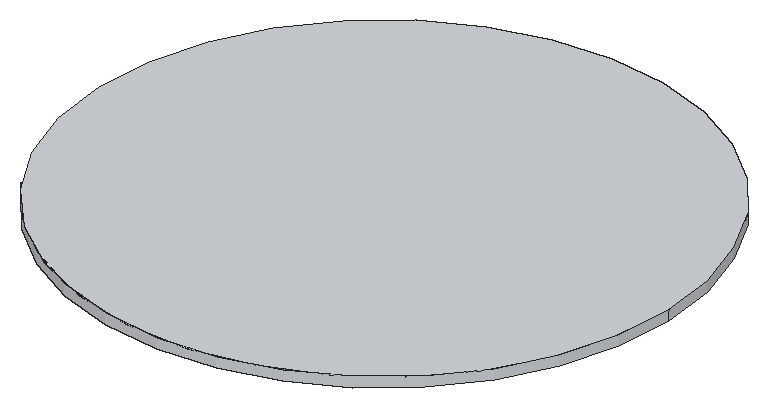
Revit family "CITY", category Lighting Fixtures, host Face, Revit 2023 (continued)
Types (10, lengths in mm): name | Radio | Photometric Web File | built-in parameter 1150142 | Manufacturer | LuxLight_Watios | LuxLight_Temperatura | LuxLight_Lumenes
  LISUP0583 | 291.5 | "LISUP058301 .ies" | "IESNA:LM-63-2002\r\n[TEST] Viso  - serial: n/a sensor serial: n/a\r\n[TESTLAB] Viso  - serial: n/a sensor serial: n/a - Test lab\r\n[MANUFAC] LUX LIGHT\r\n[ISSUEDATE] 12/9/2025\r\n[LUMINAIRE] CITY ROUND 3000K 5W Ø80x55\r\n[LUMCAT] N/A\r\nTILT=NONE\r\n1 360 1 181 17 1 2 -0.075 -0.075 0\r\n1.0 1.0 5.00\r\n0 1 2 3 4 5 6 7 8 9 10 11 12 13 14 15 16 17 18 19 20 21 22 23 24 25 26 27 28 29 30 31 32 33 34 35 36 37 38 39 40 41 42 43 44 45 46 47 48 49 50 51 52 53 54 55 56 57 58 59 60 61 62 63 64 65 66 67 68 69 70 71 72 73 74 75 76 77 78 79 80\r\n 81 82 83 84 85 86 87 88 89 90 91 92 93 94 95 96 97 98 99 100 101 102 103 104 105 106 107 108 109 110 111 112 113 114 115 116 117 118 119 120 121 122 123 124 125 126 127 128 129 130 131 132 133 134 135 136 137 138 139 140 141 142 143\r\n 144 145 146 147 148 149 150 151 152 153 154 155 156 157 158 159 160 161 162 163 164 165 166 167 168 169 170 171 172 173 174 175 176 177 178 179 180\r\n0 22.5 45 67.5 90 112.5 135 157.5 180 202.5 225 247.5 270 292.5 315 337.5 360 \r\n138.304047 138.17131 138.102905 137.930115 137.739304 137.48732 137.156143 136.824936 136.432556 135.978973 135.525391 134.9422 134.409409 133.808228 133.073853 132.379059 131.554688 130.798706 129.963531 129.02037 128.084381 127.137611\r\n 126.000046 124.956078 123.789711 122.673744 121.514572 120.179016 118.901054 117.633881 116.154327 114.825966 113.288803 111.820045 110.362083 108.65213 107.111382 105.473427 103.623077 101.970726 100.08078 98.241234 96.480873 94.389336\r\n 92.394997 90.465454 88.240715 86.239166 83.906433 81.793297 79.690956 77.189026 74.935486 72.480354 70.108025 67.822083 65.147362 62.785831 60.3811 57.605576 55.172043 52.46492 49.847797 47.234268 44.437149 41.762421 39.188496 36.369774\r\n 33.655449 30.807932 28.093609 25.51968 22.639761 19.87504 17.059919 14.082804 11.357679 8.319366 5.853435 3.610698 2.091541 1.587555 1.227565 0.885575 0.622782 0.421188 0.291592 0.201594 0.161995 0.140396 0.140396 0.140396 0.151196\r\n 0.151196 0.161995 0.172795 0.179995 0.190795 0.201594 0.212394 0.230393 0.230393 0.241193 0.262793 0.262793 0.291592 0.302391 0.313191 0.320391 0.34199 0.35279 0.37079 0.392389 0.403189 0.421188 0.442787 0.471587 0.471587 0.482386\r\n 0.503986 0.514785 0.532785 0.554384 0.561584 0.561584 0.583184 0.604783 0.611983 0.633582 0.644382 0.662381 0.673181 0.69478 0.70558 0.71278 0.734379 0.745179 0.763178 0.784778 0.795578 0.813577 0.824377 0.835176 0.845976 0.863976\r\n 0.874775 0.885575 0.896375 0.914374 0.935974 0.946773 0.946773 0.946773 0.953973 0.953973 0.975573 0.997172 0.986372 1.004372 1.004372 1.015171 1.025971 1.036771 1.036771 1.05477 1.05477 1.07637 1.06557 1.07637 1.07637 1.087169 1.087169\r\n 1.097969 1.105169 1.105169 1.126768 1.105169 1.105169 1.105169 1.115969 1.115294\r\n138.304047 138.282898 138.17131 138.020111 137.81131 137.548523 137.228119 136.886139 136.443359 136.029373 135.536179 134.963806 134.420212 133.76503 133.073853 132.328659 131.504288 130.697922 129.855545 128.879974 127.96199 126.98642\r\n 125.920853 124.794083 123.638512 122.540543 121.345383 120.006218 118.728249 117.41069 115.963524 114.555969 113.026009 111.506859 110.077698 108.367744 106.819786 105.250229 103.360283 101.599937 99.717194 97.917236 96.02729 93.92495\r\n 92.063805 90.022659 87.891518 85.74958 83.49604 81.292908 79.168968 76.695839 74.503502 71.91877 69.654442 67.231705 64.664978 62.191845 59.776314 56.989994 54.506062 51.849339 49.214211 46.672684 43.774765 41.218838 38.655708 35.685791\r\n 33.072269 30.113152 27.528423 24.8249 21.937782 19.201859 16.584732 13.618416 11.044488 8.297767 5.691439 3.340706 2.051942 1.619954 1.238365 0.903575 0.644382 0.442787 0.302391 0.212394 0.179995 0.151196 0.161995 0.151196 0.161995\r\n 0.161995 0.172795 0.179995 0.190795 0.201594 0.212394 0.219594 0.230393 0.251993 0.269992 0.280792 0.291592 0.302391 0.313191 0.331191 0.34199 0.36359 0.381589 0.413988 0.442787 0.453587 0.503986 0.503986 0.514785 0.514785 0.543585\r\n 0.554384 0.572384 0.593983 0.611983 0.611983 0.633582 0.662381 0.662381 0.673181 0.69478 0.69478 0.72358 0.734379 0.745179 0.763178 0.784778 0.795578 0.813577 0.824377 0.845976 0.856776 0.863976 0.885575 0.896375 0.914374 0.925174\r\n 0.946773 0.953973 0.975573 0.986372 0.997172 1.004372 1.015171 1.025971 1.036771 1.036771 1.04757 1.05477 1.06557 1.087169 1.087169 1.087169 1.06557 1.05477 1.05477 1.06557 1.07637 1.07637 1.07637 1.087169 1.097969 1.097969 1.105169\r\n 1.115969 1.115969 1.115969 1.115969 1.126768 1.126768 1.126768 1.126768 1.115294\r\n138.304047 138.383698 138.27211 138.110107 137.912109 137.670929 137.336121 136.914932 136.500961 136.058167 135.546982 134.974594 134.431015 133.747025 133.091843 132.29628 131.453888 130.636719 129.783539 128.818771 127.922394 126.93602\r\n 125.780449 124.68248 123.476524 122.31015 121.161781 119.793823 118.559059 117.209099 115.751137 114.40477 112.824417 111.287262 109.818504 108.047356 106.506592 104.857849 103.007492 101.247147 99.335602 97.557243 95.735703 93.521759\r\n 91.55262 89.590675 87.416336 85.274399 83.013657 80.788918 78.64698 76.15226 73.938316 71.375183 69.060455 66.745712 64.060188 61.576263 59.164333 56.478809 53.901283 51.186958 48.573429 46.035503 43.130383 40.574455 37.878132 35.03421\r\n 32.449486 29.591166 26.916441 24.230917 21.433796 18.78787 16.253542 13.337625 10.882493 8.258167 6.04423 3.941889 2.14194 1.630754 1.245565 0.935974 0.662381 0.453587 0.313191 0.212394 0.161995 0.140396 0.140396 0.140396 0.151196\r\n 0.161995 0.161995 0.172795 0.179995 0.190795 0.201594 0.212394 0.230393 0.262793 0.280792 0.291592 0.280792 0.280792 0.302391 0.302391 0.313191 0.331191 0.34199 0.37079 0.381589 0.392389 0.413988 0.421188 0.431988 0.453587 0.471587\r\n 0.482386 0.503986 0.521985 0.543585 0.572384 0.604783 0.633582 0.644382 0.662381 0.683981 0.69478 0.71278 0.72358 0.734379 0.745179 0.755979 0.784778 0.806377 0.813577 0.824377 0.845976 0.863976 0.874775 0.896375 0.903575 0.935974\r\n 0.946773 0.964773 0.975573 0.986372 1.004372 1.015171 1.025971 1.036771 1.04757 1.05477 1.06557 1.07637 1.087169 1.097969 1.105169 1.105169 1.115969 1.126768 1.126768 1.137568 1.126768 1.087169 1.07637 1.07637 1.07637 1.07637 1.087169\r\n 1.07637 1.087169 1.097969 1.097969 1.097969 1.105169 1.105169 1.105169 1.115294\r\n138.304047 138.473694 138.362091 138.153305 137.969711 137.750107 137.36853 137.015747 136.572952 136.169754 135.687363 135.075378 134.459808 133.837036 133.091843 132.389862 131.533096 130.737503 129.833939 128.897964 127.911591 126.968422\r\n 125.80925 124.743683 123.505318 122.389351 121.172585 119.826218 118.526657 117.241493 115.722336 114.343575 112.723618 111.254868 109.68531 107.986153 106.315804 104.717445 102.827499 101.117546 99.184402 97.305252 95.483704 93.269768\r\n 91.351021 89.309883 87.135544 85.094406 82.700462 80.587326 78.322998 75.900261 73.567528 71.072792 68.639259 66.263329 63.448212 60.892284 58.239159 55.452835 52.734913 49.869392 47.234268 44.419147 41.359234 38.684509 35.977386\r\n 33.043468 30.275145 27.427628 24.763702 22.139376 19.533049 17.218313 14.856781 12.390851 10.108515 7.786581 5.70224 3.599898 1.951145 1.468759 1.155567 0.835176 0.622782 0.431988 0.313191 0.212394 0.161995 0.140396 0.140396 0.151196\r\n 0.151196 0.161995 0.151196 0.172795 0.190795 0.190795 0.212394 0.219594 0.251993 0.291592 0.280792 0.302391 0.313191 0.331191 0.35279 0.36359 0.37079 0.392389 0.381589 0.381589 0.381589 0.392389 0.413988 0.421188 0.431988 0.453587\r\n 0.471587 0.482386 0.503986 0.514785 0.532785 0.554384 0.583184 0.604783 0.611983 0.633582 0.655182 0.673181 0.683981 0.71278 0.734379 0.763178 0.773978 0.795578 0.813577 0.813577 0.835176 0.856776 0.863976 0.885575 0.903575 0.914374\r\n 0.925174 0.935974 0.935974 0.964773 0.986372 1.004372 1.015171 1.036771 1.036771 1.05477 1.06557 1.06557 1.087169 1.097969 1.105169 1.115969 1.115969 1.126768 1.137568 1.148368 1.155567 1.148368 1.126768 1.105169 1.115969 1.115969\r\n 1.105169 1.105169 1.097969 1.097969 1.115969 1.105169 1.115969 1.105169 1.105169 1.105169 1.115294\r\n138.304047 138.603287 138.462891 138.254105 138.052505 137.728531 137.38652 137.004944 136.562149 136.06897 135.568588 134.934998 134.330215 133.66423 132.901047 132.177475 131.291885 130.456726 129.592758 128.617172 127.601997 126.543633\r\n 125.427658 124.362091 123.094925 121.867363 120.7118 119.333038 117.986671 116.665512 115.149948 113.731598 112.072044 110.603279 109.033722 107.28418 105.603027 103.842667 101.992325 100.253578 98.219627 96.318886 94.42894 92.344597\r\n 90.292648 88.132713 85.958374 83.794838 81.350502 79.078972 76.685043 73.89872 71.425583 68.606865 66.12294 63.498611 60.712288 57.976368 55.179245 52.184128 49.358208 46.247894 43.544373 40.675251 37.687336 34.861416 32.046295 29.130379\r\n 26.293657 23.356142 20.56982 17.873497 14.583189 12.632044 10.119315 7.624585 5.925433 4.143483 2.815121 1.749551 1.317563 1.025971 0.795578 0.593983 0.431988 0.302391 0.230393 0.179995 0.161995 0.172795 0.179995 0.190795 0.190795\r\n 0.190795 0.179995 0.190795 0.201594 0.212394 0.230393 0.262793 0.280792 0.302391 0.313191 0.313191 0.331191 0.34199 0.35279 0.36359 0.392389 0.413988 0.413988 0.421188 0.442787 0.453587 0.471587 0.482386 0.503986 0.514785 0.532785\r\n 0.554384 0.561584 0.572384 0.593983 0.611983 0.633582 0.662381 0.683981 0.69478 0.71278 0.734379 0.745179 0.763178 0.773978 0.784778 0.806377 0.824377 0.835176 0.856776 0.874775 0.885575 0.896375 0.914374 0.935974 0.946773 0.964773\r\n 0.964773 0.975573 0.986372 1.004372 1.025971 1.036771 1.04757 1.04757 1.06557 1.07637 1.087169 1.097969 1.105169 1.126768 1.126768 1.137568 1.148368 1.126768 1.105169 1.115969 1.115969 1.115969 1.137568 1.115969 1.105169 1.115969\r\n 1.105169 1.126768 1.126768 1.126768 1.126768 1.137568 1.115969 1.126768 1.126768 1.115294\r\n138.304047 138.092102 137.962509 137.76091 137.53772 137.278519 136.965332 136.594559 136.119354 135.687363 135.16539 134.593002 133.948624 133.343842 132.569855 131.846283 131.011108 130.204727 129.301147 128.314789 127.339203 126.352837\r\n 125.23687 124.138901 122.91494 121.716164 120.528206 119.120644 117.864273 116.496315 115.038361 113.609192 111.960442 110.480888 108.983322 107.190582 105.480621 103.821068 101.902321 100.159981 98.219627 96.318886 94.446938 92.243797\r\n 90.285454 88.031921 85.889984 83.805634 81.400902 79.118568 76.825432 74.2911 71.684776 68.848061 66.173332 63.718204 60.935482 58.188759 55.514034 52.385723 49.538204 46.561089 43.702766 40.988445 37.888931 35.203407 32.388287 29.299574\r\n 26.585251 23.446138 20.688616 18.013893 15.317568 12.894836 10.511703 8.279766 6.519416 4.849063 3.340706 1.929546 1.357162 1.05477 0.806377 0.593983 0.421188 0.291592 0.219594 0.172795 0.151196 0.151196 0.151196 0.161995 0.172795\r\n 0.161995 0.179995 0.161995 0.172795 0.190795 0.219594 0.241193 0.251993 0.262793 0.280792 0.291592 0.313191 0.320391 0.331191 0.34199 0.36359 0.37079 0.392389 0.403189 0.421188 0.442787 0.464387 0.482386 0.493186 0.514785 0.521985\r\n 0.543585 0.554384 0.561584 0.583184 0.604783 0.611983 0.644382 0.655182 0.673181 0.69478 0.70558 0.72358 0.745179 0.755979 0.773978 0.784778 0.806377 0.813577 0.835176 0.856776 0.863976 0.874775 0.896375 0.914374 0.925174 0.946773\r\n 0.953973 0.953973 0.964773 0.975573 0.986372 0.986372 0.986372 0.997172 1.004372 1.015171 1.025971 1.015171 1.04757 1.025971 1.025971 1.036771 1.05477 1.05477 1.06557 1.07637 1.07637 1.087169 1.087169 1.097969 1.097969 1.105169 1.105169\r\n 1.105169 1.115969 1.115969 1.115969 1.115969 1.115969 1.126768 1.115969 1.115294\r\n138.304047 138.002106 137.890503 137.717728 137.548523 137.285721 136.943741 136.583755 136.140961 135.698166 135.244583 134.643402 134.067413 133.433838 132.710266 131.975876 131.173111 130.337921 129.491959 128.494781 127.601997\r\n 126.583229 125.499657 124.390892 123.206528 122.007759 120.841393 119.523827 118.217064 116.859901 115.419945 113.96199 112.414032 110.873276 109.415321 107.615364 106.024208 104.325058 102.463905 100.663963 98.752419 96.812065 94.95092\r\n 92.780182 90.829033 88.543106 86.501961 84.331223 81.915688 79.672958 77.358215 74.895889 72.519958 70.007225 67.580894 65.197762 62.461838 59.91671 57.483177 54.747253 52.112133 49.174614 46.460293 43.843163 40.966843 38.112125 35.505802\r\n 32.658279 29.972755 27.179234 24.562107 22.067379 19.291857 16.717928 14.273598 11.476477 9.132942 6.667012 4.456674 2.48393 1.619954 1.245565 0.946773 0.683981 0.471587 0.313191 0.212394 0.161995 0.140396 0.140396 0.140396 0.140396\r\n 0.151196 0.151196 0.161995 0.172795 0.179995 0.201594 0.219594 0.241193 0.251993 0.262793 0.280792 0.302391 0.302391 0.313191 0.331191 0.34199 0.35279 0.37079 0.381589 0.392389 0.413988 0.421188 0.442787 0.471587 0.482386 0.493186\r\n 0.514785 0.521985 0.543585 0.561584 0.583184 0.593983 0.604783 0.622782 0.633582 0.655182 0.662381 0.683981 0.69478 0.71278 0.734379 0.755979 0.763178 0.773978 0.795578 0.806377 0.824377 0.835176 0.856776 0.863976 0.885575 0.885575\r\n 0.914374 0.925174 0.946773 0.946773 0.953973 0.953973 0.953973 0.964773 0.975573 0.986372 0.997172 1.004372 1.015171 1.004372 1.004372 1.015171 1.015171 1.025971 1.036771 1.036771 1.04757 1.05477 1.06557 1.06557 1.07637 1.07637 1.087169\r\n 1.087169 1.097969 1.097969 1.105169 1.105169 1.105169 1.115969 1.115969 1.115969 1.115294\r\n138.304047 138.041702 138.002106 137.840103 137.660126 137.397324 137.055344 136.774536 136.353348 135.950165 135.456985 134.902603 134.319412 133.707428 132.973053 132.29628 131.515091 130.687119 129.833939 128.879974 127.951195 126.997223\r\n 125.920853 124.822884 123.649315 122.450546 121.305779 119.945023 118.699448 117.371086 115.934738 114.516373 112.907219 111.467255 109.886902 108.238152 106.567795 104.940643 103.097496 101.30835 99.285202 97.395256 95.534103 93.464165\r\n 91.419418 89.24868 87.196747 85.065605 82.660873 80.407333 78.114197 75.680664 73.29393 70.781204 68.32608 65.863747 63.268215 60.741089 58.156361 55.431236 52.925709 50.049389 47.536659 44.861935 41.935219 39.357689 36.654167 33.68425\r\n 31.081524 28.104408 25.51968 22.834156 20.015436 17.329912 14.777583 11.908464 9.334537 6.710211 4.323478 2.303935 1.648754 1.267164 0.953973 0.662381 0.482386 0.313191 0.212394 0.161995 0.140396 0.129596 0.129596 0.140396 0.140396\r\n 0.151196 0.172795 0.172795 0.179995 0.201594 0.230393 0.241193 0.262793 0.269992 0.280792 0.291592 0.313191 0.313191 0.331191 0.34199 0.36359 0.381589 0.392389 0.403189 0.421188 0.431988 0.453587 0.453587 0.482386 0.493186 0.514785\r\n 0.521985 0.521985 0.554384 0.572384 0.583184 0.604783 0.633582 0.633582 0.633582 0.662381 0.673181 0.69478 0.71278 0.72358 0.745179 0.755979 0.773978 0.784778 0.795578 0.813577 0.835176 0.845976 0.863976 0.874775 0.885575 0.903575\r\n 0.914374 0.935974 0.935974 0.953973 0.964773 0.986372 0.997172 1.004372 1.015171 1.025971 1.036771 1.04757 1.036771 1.036771 1.036771 1.036771 1.04757 1.04757 1.05477 1.04757 1.05477 1.04757 1.06557 1.07637 1.097969 1.087169 1.097969\r\n 1.097969 1.097969 1.097969 1.105169 1.105169 1.105169 1.105169 1.115969 1.115294\r\n138.304047 138.17131 138.110107 137.962509 137.768112 137.559326 137.256927 136.943741 136.572952 136.130157 135.676575 135.075378 134.560608 133.927032 133.264648 132.548264 131.745499 131.000305 130.136337 129.18956 128.253586 127.288811\r\n 126.234047 125.208069 123.980507 122.803337 121.665764 120.369804 119.081039 117.803078 116.316322 114.966354 113.378807 111.920845 110.369286 108.630539 107.050179 105.361832 103.551079 101.769135 99.828781 97.938835 96.099289 94.025749\r\n 91.995407 89.741867 87.689926 85.555191 83.161255 80.961716 78.765778 76.242249 73.970718 71.353584 69.031654 66.547722 63.952194 61.446667 58.890739 56.187218 53.570091 50.794571 48.130642 45.46312 42.597599 39.922874 37.226551 34.379032\r\n 31.754705 28.766788 26.120863 23.323742 20.289028 17.621504 14.795583 11.858066 9.053744 6.278223 3.974288 2.271536 1.598355 1.238365 0.925174 0.655182 0.453587 0.302391 0.212394 0.161995 0.140396 0.140396 0.129596 0.140396 0.151196\r\n 0.161995 0.172795 0.172795 0.172795 0.212394 0.2303
